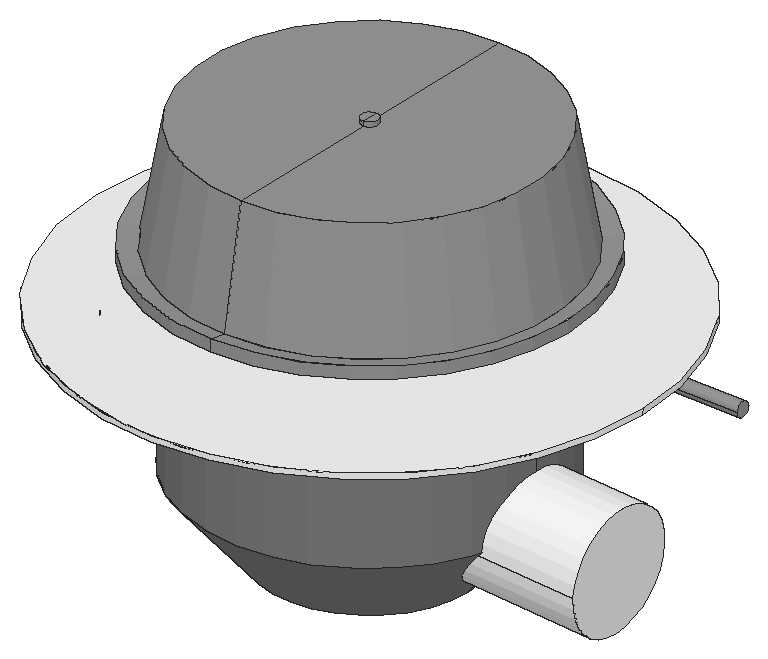
Revit family "HL_RU_Roof drain_HL64.1PSafe-B-221103", category Sanitärinstallationen, Revit 2020
Family settings
  Bemaßung runder Anschluss = Durchmesser verwenden
  Teiletyp = Normal
  OmniClass-Nummer = 23.70.50.21.24.14
  OmniClass-Titel = Deck Waste Water Drains
  Arbeitsebenenbasiert = Nein
  Immer vertikal = Ja
  Beim Laden mit Abzugskörper schneiden = Nein
  Gemeinsam genutzt = Nein
  Raumberechnungspunkt = Ja
Parameters (values of type "HL_Кровельная воронка_HL64.1PSafe_7")
  РЕШЁТКА = "Laubfangkorb d 262 mm"
  РАЗМЕР = "DN75"
  ПРОПУСКНАЯ СПОСОБНОСТЬ [instance] = 0.0 L/s
  ПРОИЗВОДИТЕЛЬНОСТЬ = "l/s"
  ПРАВОВАЯ ИНФОРМАЦИЯ = "Авторские права(©), права на дизайн или какие либо другие права интелектуальной собственности являются исключительной собственностью компании HL Hutterer & Lechner. Изменению не подлежит. Файл семейства с данными о прозводителе изделия защищен паролем с водяным знаком."
  НОМИНАЛЬНЫЙ ДИАМЕТР = 75 mm
  МАТЕРИАЛ = "PP/PVC"
  ВЫСОТА МОНТАЖА = "150mm"
  ВЕС = "2,348 [kg]"
  Vorgabe-Ansicht = 0 mm
  Hersteller = "HL Hutterer & Lechner GmbH"  # constant formula
  URL = "http://www.hutterer-lechner.com/ru/products/catalog/roof-drains/HL64.1PSafe/7.aspx"
  Материал плитка [instance] = none
  Lüftungsverbindung = no
  Abwasserrohrverbindung = yes
  HW-Verbindung = no
  KW-Verbindung = no
  Beschreibung = "Кровельные воронки"
  Model = "HL64.1PSafe_7"
  Assembly Code = " "
  Typenkommentare = "HL64.1PSafe/7, Воронка для аварийного водостока с горизонтальным выпуском DN75 с электрообогревом, с корпусом из ПВХ, с возможностью регулировки толщины слоя воды"
  Keynote = "HL64.1PSafe_7"
  Bысота монтажа [instance] = 28 mm  # constant formula
  G [instance] = 90.00°  # constant formula
  EAN = "9003076040957"
  D [instance] = if(НОМИНАЛЬНЫЙ ДИАМЕТР = 75 mm, 162.8 mm, 178 mm)  # 162.8 mm
  C [instance] = if(Bысота монтажа - 68 mm < 0 mm, 0 mm, Bысота монтажа - 68 mm)  # 0 mm
  B [instance] = Bысота монтажа + if(НОМИНАЛЬНЫЙ ДИАМЕТР = 75 mm, 101 mm, 84 mm)  # 129 mm
  A [instance] = if(B - 100 mm > 15 mm, B - 100 mm, 15 mm)  # 29 mm
Types (3, lengths in mm): name | РАЗМЕР | НОМИНАЛЬНЫЙ ДИАМЕТР | URL | Model | Typenkommentare | Keynote | EAN | D | B | A
  (no name) | "DN75" | 75 | "http://www.hutterer-lechner.com/ru/products/catalog/roof-drains/HL64.1PSafe/7.aspx" | "HL64.1PSafe_7" | "HL64.1PSafe/7, Воронка для аварийного водостока с горизонтальным выпуском DN75 с электрообогревом, с корпусом из ПВХ, с возможностью регулировки толщины слоя воды" | "HL64.1PSafe_7" | "9003076040957" | 162.8 | 129 | 29
  HL_Кровельная воронка_HL64.1PSafe_1 | "DN110" | 110 | "http://www.hutterer-lechner.com/ru/products/catalog/roof-drains/HL64.1PSafe/1.aspx" | "HL64.1PSafe_1" | "HL64.1PSafe/1, Воронка для аварийного водостока с горизонтальным выпуском DN110 с электрообогревом, с корпусом из ПВХ, с возможностью регулировки толщины слоя воды" | "HL64.1PSafe_1" | "9003076040964" | 178 | 112 | 15
  HL_Кровельная воронка_HL64.1PSafe_7 | "DN75" | 75 | "http://www.hutterer-lechner.com/ru/products/catalog/roof-drains/HL64.1PSafe/7.aspx" | "HL64.1PSafe_7" | "HL64.1PSafe/7, Воронка для аварийного водостока с горизонтальным выпуском DN75 с электрообогревом, с корпусом из ПВХ, с возможностью регулировки толщины слоя воды" | "HL64.1PSafe_7" | "9003076040957" | 162.8 | 129 | 29
Reference planes
  plane 1 "Center (Front/Back)": y = 0
  plane 2: z = 0
  plane 3 "Center (Left/Right)": x = 0
  plane 4: z = -129
  plane 5: z = -28
Lines and regions (mm)
  model lines, style "InvisibleLines"
    curve 1: line (0, 0, 0) -> (0, 0, 20)
  model lines, style "PlumbingFixtures", detail levels coarse+medium
    curve 2: line (0, 0, -129) -> (0, 0, -100)
    curve 3: line (0, 0, -100) -> (-100, 0, 0)
    curve 4: line (0, 0, -100) -> (100, 0, 0)
    curve 6: line (0, 0, -129) -> (162.8, 0, -129)
  reference lines, not visible
    curve 5: line (0, 0, -129) -> (162.8, 0, -129)
  symbolic lines, style "PlumbingFixtures", detail levels coarse+medium
    curve 7: line (-75, 75, 0) -> (75, 75, 0)
    curve 8: line (-75, -75, 0) -> (-75, 75, 0)
    curve 9: line (75, -75, 0) -> (-75, -75, 0)
    curve 10: line (75, 75, 0) -> (75, -75, 0)
    curve 11: line (-75, 75, 0) -> (-145.711, 145.711, 0)
    curve 12: line (75, 75, 0) -> (145.711, 145.711, 0)
    curve 13: line (-75, -75, 0) -> (-145.711, -145.711, 0)
    curve 14: line (75, -75, 0) -> (145.711, -145.711, 0)
  symbolic lines, style "PlumbingFixtures", not visible, detail levels coarse+medium
    curve 15: line (-75, 75, 0) -> (75, 75, 0)
    curve 16: line (-75, -75, 0) -> (-75, 75, 0)
    curve 17: line (75, -75, 0) -> (-75, -75, 0)
    curve 18: line (75, 75, 0) -> (75, -75, 0)
    curve 19: line (-75, 75, 0) -> (-145.711, 145.711, 0)
    curve 20: line (75, 75, 0) -> (145.711, 145.711, 0)
    curve 21: line (-75, -75, 0) -> (-145.711, -145.711, 0)
    curve 22: line (75, -75, 0) -> (145.711, -145.711, 0)
Text (mm)
  text "FLOOR" at (-162.344, 0, -10.979), in view "Drain Construction View"
Dimensions and locks
  "B": plane 2 to plane 4
  "Bысота монтажа": plane 2 to plane 5
  "A": curve 4 to plane 4
  "D": curve 5 to curve 5
  "D": curve 6 to curve 6
  locked: curve 4 to plane 3 "Center (Left/Right)" (angle 45.00°)
  locked: plane 3 "Center (Left/Right)" to curve 3 (angle 45.00°)
  "G": angle curve 5 to plane 3 "Center (Left/Right)"
  aligned and locked: level to plane 2
  aligned and locked: plane 2 to curve 4
  aligned and locked: plane 2 to curve 3
  aligned and locked: plane 4 to curve 5
  aligned and locked: plane 3 "Center (Left/Right)" to curve 5
  aligned and locked: plane 4 to curve 2
  aligned and locked: plane 3 "Center (Left/Right)" to curve 6
  aligned and locked: plane 4 to curve 6
  aligned and locked: nested 1 to plane 5
  aligned and locked: plane 3 "Center (Left/Right)" to nested 1
  aligned and locked: nested 2 to plane 2
  aligned and locked: plane 3 "Center (Left/Right)" to nested 2
Automatic sketch dimensions
  curve 2 to plane 3 "Center (Left/Right)" = 0 mm
  curve 1 to plane 3 "Center (Left/Right)" = 0 mm
  curve 1 to level = 0 mm
  level to curve 1 = 20 mm
Nested families
  nested 1: "HL_кровельные воронки - корпус_HL64.1P" at (0, 0, -28), НОМИНАЛЬНЫЙ ДИАМЕТР <- "НОМИНАЛЬНЫЙ ДИАМЕТР", type "HL_кровельные воронки - корпус_HL64.1P"
    with НОМИНАЛЬНЫЙ ДИАМЕТР 75 mm, L 164 mm, B 101.3 mm, A 92.3 mm
  nested 2: "HL_Вспомогательные материалы-Противопожарная защита_HL062.1Safe" at (0, 0, 0), Bысота монтажа <- "Bысота монтажа", type "HL_Вспомогательные материалы-Противопожарная защита_HL062.1Safe"
    with Пропускная способность 0.0 L/s, L 58 mm, IHmin 28 mm, IHmax 68 mm, Bысота монтажа 28 mm
Connectors
  piping at (162.8, 0, -129), diameter 75, driven by "ПРОПУСКНАЯ СПОСОБНОСТЬ", driven by "НОМИНАЛЬНЫЙ ДИАМЕТР"
    settings: on curve 5, index 1, connector inside diameter 609.6 mm, connector length 0 mm, flow factor 0, pipe flow 0.0 L/s, pressure drop 0.0 Pa, fitting loss kfactor 0, connector angle 0.00°, fixture units 0, engagement length 0 mm, angle of deflection 0.00°, flow configuration 1, flow direction 2, fitting loss method 0, system type 16, joint type 0, gender type 0, connector reference index -1, connector utility 0, adjustable connector yes, is connector primary yes, connector description ""
Definition of nested family "HL_кровельные воронки - корпус_HL64.1P"
  Parameters (values of type "HL_кровельные воронки - корпус_HL64.1P")
    НОМИНАЛЬНЫЙ ДИАМЕТР [instance] = 110 mm
    Default Elevation = 0 mm
    Manufacturer = ""
    URL = ""
    Description = ""
    Model = ""
    L [instance] = if(НОМИНАЛЬНЫЙ ДИАМЕТР = 75 mm, 164 mm, 178 mm)  # 178 mm
    Type Comments = ""
    Cost = 0
    B [instance] = if(НОМИНАЛЬНЫЙ ДИАМЕТР = 75 mm, 101.3 mm, 84 mm)  # 84 mm
    A [instance] = if(НОМИНАЛЬНЫЙ ДИАМЕТР = 75 mm, 92.3 mm, 75 mm)  # 75 mm
  Reference planes
    plane 1 "Střed (vpředu/vzadu)": y = 0
    plane 2: z = 0
    plane 3 "Střed (vlevo/vpravo)": x = 0
  Forms (mm)
    Extrusion 1, solid, detail levels fine
      sketch origin (0, 0.019, 0) x (1, 0, 0) y (0, 1, 0)
        loop
          circle (0, 0) r 180
        loop
          circle (0, 0) r 78.913
      from 0 to -3.5
    Extrusion 2, solid, detail levels fine
      sketch origin (0, 0.019, -3.5) x (0, 1, 0) y (1, 0, 0)
        loop
          circle (0, 0) r 140
      from 0 to 18
    Extrusion 3, solid, detail levels fine
      sketch origin (0, 0.019, -21.5) x (-1, 0, 0) y (0, 1, 0)
        loop
          circle (0, 0) r 110
      from 0 to 73.906
    Blend 4, solid, detail levels fine
      base sketch origin (0, 0.019, -95.406) x (0, -1, 0) y (1, 0, 0)
        loop
          circle (0, 0) r 110
      top sketch origin (0, 0.019, -95.406) x (0, -1, 0) y (1, 0, 0)
        loop
          circle (0, 0) r 65
      from 0 to -53
    Revolve 5, void
      sketch origin (0, 0.019, 0) x (1, 0, 0) y (0, 0, 1)
        loop
          line (-78.913, 0) -> (-78.913, -16.281) -> (-74.694, -23.588) -> (-74.694, -24.914) -> (-75.511, -24.914) -> (-75.511, -30.304) -> (-64.679, -30.304) -> (-64.679, -32.804) -> (0, -32.804) -> (0, 0) -> (-78.913, 0)
        axis (0, 0) -> (0, -32.804)
      angle from 0 to 360
    Extrusion 6, solid, detail levels fine
      sketch origin (193.712, 65.055, -23.793) x (0, 1, 0) y (0, 0, 1)
        loop
          circle (0.061, -0.108) r 4.5
      from 0 to -120
    Extrusion 7, solid, detail levels fine
      sketch origin (179.491, 0, -54.515) x (0, -1, 0) y (-0.050497, 0, -0.998724)
        loop
          circle (0, 29.523) r 55
      from 0 to -99.364
  Cuts and joins
    Revolve 5 cuts Extrusion 1
    Revolve 5 cuts Extrusion 2
    Revolve 5 cuts Extrusion 3
  Lines and regions (mm)
    reference lines
      curve 1: line (0, 0, -75) -> (178, 0, -84)
  Dimensions and locks
    "B": plane 2 to curve 1
    curve 1 to plane 3 "Střed (vlevo/vpravo)" = 0 mm
    "A": plane 2 to curve 1
    "L": curve 1 to plane 3 "Střed (vlevo/vpravo)"
    "НОМИНАЛЬНЫЙ ДИАМЕТР": diameter of Extrusion 7 sketch curve
    aligned and locked: level to plane 2
  Automatic sketch dimensions
    Extrusion 1 sketch curve to Extrusion 1 sketch curve = 0 mm  (x2)
    Extrusion 1 sketch curve to plane 3 "Střed (vlevo/vpravo)" = 0 mm
    Extrusion 1 sketch curve to plane 1 "Střed (vpředu/vzadu)" = 0.019 mm
    Revolve 5 sketch curve to level = 0 mm
    Revolve 5 sketch curve to plane 3 "Střed (vlevo/vpravo)" = 0 mm  (x2)
    Revolve 5 sketch curve to level = 30.304 mm
    Revolve 5 sketch curve to plane 3 "Střed (vlevo/vpravo)" = 64.679 mm
    Revolve 5 sketch curve to level = 23.588 mm
    Revolve 5 sketch curve to Revolve 5 sketch curve = 10.016 mm
    Revolve 5 sketch curve to Revolve 5 sketch curve = 0.817 mm
    Revolve 5 sketch curve to Revolve 5 sketch curve = 4.218 mm
    Revolve 5 sketch curve to level = 32.804 mm
    Revolve 5 sketch curve to Revolve 5 sketch curve = 1.326 mm
    Revolve 5 sketch curve to Revolve 5 sketch curve = 7.307 mm
    Revolve 5 sketch curve to Revolve 5 sketch curve = 25 mm
    Revolve 5 sketch curve to Revolve 5 sketch curve = 50 mm
    Extrusion 6 sketch curve to level = 23.9 mm
    Extrusion 6 sketch curve to plane 1 "Střed (vpředu/vzadu)" = 65.116 mm
    Extrusion 7 sketch curve to plane 1 "Střed (vpředu/vzadu)" = 0 mm
    radius of Extrusion 1 sketch curve = 180 mm
    radius of Extrusion 1 sketch curve = 78.913 mm
    radius of Extrusion 2 sketch curve to Extrusion 1 = 40 mm
    radius of Extrusion 3 sketch curve to Extrusion 2 = 30 mm
    radius of Blend 4 sketch curve to Extrusion 3 = 0 mm
    radius of Blend 4 sketch curve to Extrusion 3 = 45 mm
    radius of Extrusion 6 sketch curve = 4.5 mm
Definition of nested family "HL_Вспомогательные материалы-Противопожарная защита_HL062.1Safe"
  Parameters (values of type "HL_Вспомогательные материалы-Противопожарная защита_HL062.1Safe")
    РЕШЁТКА = "Laubfangkorb d 262 mm"
    ПРАВОВАЯ ИНФОРМАЦИЯ = "Авторские права(©), права на дизайн или какие либо другие права интелектуальной собственности являются исключительной собственностью компании HL Hutterer & Lechner. Изменению не подлежит. Файл семейства с данными о прозводителе изделия защищен паролем с водяным знаком."
    МАТЕРИАЛ = "PP"
    ВЕС = "1,25 [kg]"
    Default Elevation = 0 mm
    Manufacturer = "HL Hutterer & Lechner GmbH"
    URL = "http://www.hutterer-lechner.com/ru/products/catalog/roof-drains/HL062.1Safe.aspx"
    Материал плитка = none
    Description = "Кровельные воронки"
    Model = "HL062.1Safe"
    L [instance] = if(Bысота монтажа < IHmin, -100 mm, if(Bысота монтажа > IHmax, -100 mm, Bысота монтажа + 30 mm))  # 58 mm
    Type Comments = "HL062.1Safe, Вставка в воронку для аварийного водоотведения"
    Keynote = "HL062.1Safe"
    Bысота монтажа [instance] = 28 mm
    IHmin [instance] = 28 mm
    IHmax [instance] = 68 mm
    Пропускная способность [instance] = 0.0 L/s
    EAN = "9003076040605"
    Cost = 0
  Reference planes
    plane 1 "Střed (vpředu/vzadu)": y = 0
    plane 2: z = 0
    plane 3 "Střed (vlevo/vpravo)": x = 0
  Forms (mm)
    Revolve 1, solid, detail levels fine
      sketch origin (0, 0, 0) x (0, 1, 0) y (0, 0, 1)
        loop
          line (0, 81.1) -> (-5.25, 81.1) -> (-5.25, 78.5) -> (-106.614, 78.5) -> (-119.486, 5.5) -> (-101.611, 5.5) -> (-90.568, 68.124) -> (0, 68.124) -> (0, 81.1)
        axis (0, 81.1) -> (0, 5.5)
      angle from 0 to 360
    Extrusion 2, solid, detail levels fine
      sketch origin (0, 0, 68.124) x (-1, 0, 0) y (0, 1, 0)
        loop
          circle (-50, 0) r 11.945
      from 0 to 82.224
    Extrusion 3, solid, detail levels fine
      sketch origin (-100, 0, 68.124) x (-1, 0, 0) y (0, 1, 0)
        loop
          circle (-50, 0) r 11.945
      from 0 to 82.224
    Revolve 4, solid, detail levels fine
      sketch origin (0, 0, 0) x (0, 1, 0) y (0, 0, 1)
        loop
          line (-130.983, 7.735) -> (-130.983, 0) -> (-69.061, 0) -> (-64.445, -4.616) -> (-64.445, -65.123) -> (-63.068, -66.5) -> (-58.068, -66.5) -> (-58.068, -4.58) -> (-68.148, 5.5) -> (-119.486, 5.5) -> (-130.983, 7.735)
        axis (0, 7.735) -> (0, -66.5)
      angle from 0 to 360
    Revolve 5, solid, detail levels fine
      sketch origin (0, 69.895, -58) x (0, -1, 0) y (0, 0, -1)
        loop
          line (149.29, -29.5) -> (149.29, -9.5) -> (139.79, 0) -> (134.34, 0) -> (134.34, -44) -> (138.069, -44) -> (138.069, -29.5) -> (149.29, -29.5)
        axis (69.895, -44) -> (69.895, 0)
      angle from 0 to 360
  Lines and regions (mm)
    reference lines
      curve 1: line (0, 69.895, -58) -> (0, -190.105, -58)
  Dimensions and locks
    "L": curve 1 to plane 2
    aligned and locked: level to plane 2
  Automatic sketch dimensions
    Revolve 1 sketch curve to plane 1 "Střed (vpředu/vzadu)" = 0 mm  (x2)
    plane 1 "Střed (vpředu/vzadu)" to Revolve 1 sketch curve = 5.25 mm
    Revolve 1 sketch curve to Revolve 1 sketch curve = 85.318 mm
    level to Revolve 1 sketch curve = 5.5 mm
    Revolve 1 sketch curve to Revolve 1 sketch curve = 11.042 mm
    Revolve 1 sketch curve to Revolve 1 sketch curve = 16.046 mm
    Revolve 1 sketch curve to Revolve 1 sketch curve = 17.876 mm
    Revolve 1 sketch curve to Revolve 1 sketch curve = 62.624 mm
    Revolve 1 sketch curve to Revolve 1 sketch curve = 10.376 mm
    Revolve 1 sketch curve to Revolve 1 sketch curve = 2.6 mm
    Revolve 1 sketch curve to Revolve 1 sketch curve = 40 mm
    Revolve 1 sketch curve to Revolve 1 sketch curve = 25 mm
    Extrusion 2 sketch curve to Revolve 1 = 50 mm
    Revolve 1 to Extrusion 3 sketch curve = 50 mm
    level to Revolve 4 sketch curve = 0 mm
    Revolve 4 sketch curve to plane 1 "Střed (vpředu/vzadu)" = 0 mm
    plane 1 "Střed (vpředu/vzadu)" to Revolve 4 sketch curve = 58.068 mm
    Revolve 4 sketch curve to Revolve 4 sketch curve = 5 mm
    Revolve 4 sketch curve to Revolve 4 sketch curve = 1.377 mm  (x2)
    Revolve 4 sketch curve to Revolve 4 sketch curve = 3.703 mm
    Revolve 4 sketch curve to Revolve 4 sketch curve = 0.913 mm
    level to Revolve 4 sketch curve = 5.5 mm
    Revolve 4 sketch curve to Revolve 4 sketch curve = 50.425 mm
    Revolve 4 sketch curve to Revolve 4 sketch curve = 11.497 mm
    Revolve 4 sketch curve to level = 4.58 mm
    Revolve 4 sketch curve to level = 4.616 mm
    Revolve 4 sketch curve to Revolve 4 sketch curve = 60.507 mm
    level to Revolve 4 sketch curve = 7.735 mm
    Revolve 4 sketch curve to Revolve 4 sketch curve = 10 mm
    Revolve 4 sketch curve to Revolve 4 sketch curve = 35 mm
    Revolve 5 sketch curve to curve 1 = 0 mm
    curve 1 to Revolve 5 sketch curve = 44 mm
    Revolve 5 sketch curve to curve 1 = 125.66 mm
    Revolve 5 sketch curve to Revolve 5 sketch curve = 3.729 mm
    Revolve 5 sketch curve to Revolve 5 sketch curve = 5.45 mm
    Revolve 5 sketch curve to Revolve 5 sketch curve = 11.221 mm
    Revolve 5 sketch curve to Revolve 5 sketch curve = 14.5 mm
    curve 1 to Revolve 5 sketch curve = 9.5 mm
    curve 1 to Revolve 5 sketch curve = 69.895 mm
    Revolve 5 sketch curve to curve 1 = 15 mm
    Revolve 5 sketch curve to Revolve 5 sketch curve = 40 mm
    plane 1 "Střed (vpředu/vzadu)" to curve 1 = 190.105 mm
    curve 1 to plane 1 "Střed (vpředu/vzadu)" = 69.895 mm
    radius of Extrusion 2 sketch curve = 11.945 mm
    radius of Extrusion 3 sketch curve = 11.945 mm
